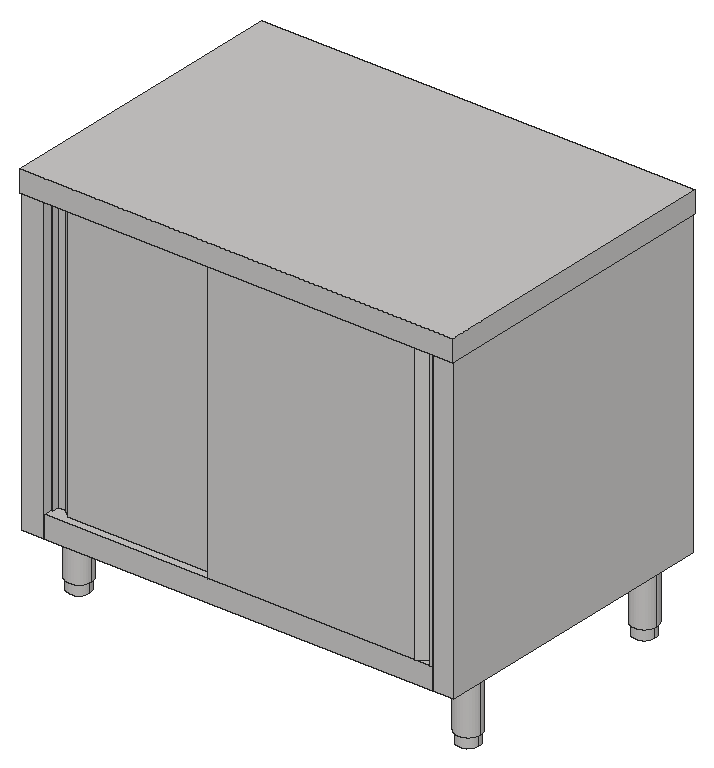
Revit family "QF_ZANUSSI_133245_MTND1000PN", category Attrezzature speciali, Revit 2020
Family settings
  Quota connettore circolare = Usa diametro
  Tipo di parte = Normale
  Basato su piano di lavoro = No
  Sempre verticale = Sì
  Taglio con vuoti quando caricato = No
  Condiviso = No
  Punto di calcolo locali = No
Parameters (values of type "Standard")
  Weight = 50.00 kg
  Watts = 0 W
  Volts = 0 V
  URL Manufacturer = "http://www.zanussiprofessional.com"
  URL = "http://www.zanussiprofessional.com"
  Steam Supply Size = 0 mm
  Steam Supply Minimum Pressure = 0.0 Pa
  Steam Supply Maximum Pressure = 0.0 Pa
  Steam Consumption per Hour = 0
  Refrigeration Suction Line Size = 0.0 mm
  Refrigeration Liquid Line Size = 0.0 mm
  Refrigerant Compressor Remote = yes
  Prospetto di default = 0.0 mm
  Produttore = "Zanussi"
  Phase = 0
  Modello = "MTND1000PN"
  Length Actual = 1000.0 mm  # constant formula
  Item Number = "133245"
  Hot Water Size = 0 mm
  Height Actual = 900.0 mm  # constant formula
  HP = "0 HP"
  Gas Size = 0 mm
  Gas KW = 0
  Gas Input Pressure = 0 W
  Direct Waste Size = 0 mm
  Descrizione = "WORKTOP CUPB.PASSTH+SHELF+SLIDING D.1000"
  Depth Actual = 700.0 mm  # constant formula
  Cycle = 0 Hz
  Condensate Return Size = 0 mm
  Compressed Air Volume = 0.0 L/s
  Compressed Air Size = 0 mm
  Compressed Air Pressure = 0.0 Pa
  Cold Water Size = 0 mm
  Accessory = yes
Reference planes
  plane 1 "Center (Front/Back)": y = 0
  plane 2: z = 0
  plane 3 "Center (Left/Right)": x = 0
  plane 4 "LEFT": x = -500
  plane 5 "RIGHT": x = 500
  plane 6 "BACK": y = 350
  plane 7 "FRONT": y = -350
  plane 8 "Base": z = 850
  plane 9 "TOP": z = 900
  plane 10: x = -450
  plane 11: x = 450
  plane 12: y = 267
  plane 13: y = -241.9
  plane 14 "BodyLeft": x = -499
  plane 15 "BodyFront": y = -344.5
  plane 16 "BodyRight": x = 499
  plane 17 "BodyBack": y = 344.5
  plane 18 "FEET": z = 150
  plane 19: x = -70
  plane 20: x = 70
Forms (mm)
  Extrusion 1, solid, material "QF_Finishes_Stainless Steel"
    sketch origin (0, 0, 0) x (0, 1, 0) y (0, 0, 1)
      loop
        line (-350, 850) -> (350, 850) -> (350, 900) -> (-350, 900) -> (-350, 850)
    from 500 to -500
  Extrusion 2, solid, material "QF_Finishes_Stainless Steel"
    sketch origin (0, 0, 150) x (-1, 0, 0) y (0, -1, 0)
      loop
        line (499, -344.5) -> (499, 344.5) -> (449, 344.5) -> (449, -344.5) -> (499, -344.5)
      loop
        line (-449, -344.5) -> (-449, 344.5) -> (-499, 344.5) -> (-499, -344.5) -> (-449, -344.5)
    from 0 to 700
  Extrusion 3, solid, material "QF_Finishes_Stainless Steel"
    sketch origin (0, 0, 150) x (-1, 0, 0) y (0, -1, 0)
      loop
        line (449, -344.5) -> (449, 344.5) -> (-449, 344.5) -> (-449, -344.5) -> (449, -344.5)
    from 0 to 50
  Extrusion 4, solid, material "QF_Finishes_Stainless Steel"
    sketch origin (0, 0, 150) x (-1, 0, 0) y (0, -1, 0)
      loop
        line (-449, 344.5) -> (-449, 324.5) -> (70, 324.5) -> (70, 344.5) -> (-409, 344.5) -> (-429, 329.5) -> (-444, 329.5) -> (-444, 344.5) -> (-449, 344.5)
    from 50 to 700
  Extrusion 5, solid, material "QF_Finishes_Stainless Steel"
    sketch origin (0, 20, 150) x (1, 0, 0) y (0, 1, 0)
      loop
        line (-449, -344.5) -> (-444, -344.5) -> (-444, -329.5) -> (-429, -329.5) -> (-409, -344.5) -> (70, -344.5) -> (70, -324.5) -> (-449, -324.5) -> (-449, -344.5)
    from 50 to 700
  Extrusion 6, solid, material "QF_Finishes_Stainless Steel"
    sketch origin (0, 0, 150) x (-1, 0, 0) y (0, -1, 0)
      loop
        line (-447.6, -344.5) -> (-442.6, -344.5) -> (-442.6, -329.5) -> (-427.6, -329.5) -> (-407.6, -344.5) -> (-70, -344.5) -> (-70, -324.5) -> (-447.6, -324.5) -> (-447.6, -344.5)
    from 50 to 700
  Extrusion 7, solid, material "QF_Finishes_Stainless Steel"
    sketch origin (0, -20, 150) x (1, 0, 0) y (0, 1, 0)
      loop
        line (-447.6, 344.5) -> (-447.6, 324.5) -> (-70, 324.5) -> (-70, 344.5) -> (-407.6, 344.5) -> (-427.6, 329.5) -> (-442.6, 329.5) -> (-442.6, 344.5) -> (-447.6, 344.5)
    from 50 to 700
  Extrusion 8, solid, material "QF_Finishes_Stainless Steel"
    sketch origin (0, 0, 0) x (1, 0, 0) y (0, 1, 0)
      loop
        line (-449, -304.5) -> (449, -304.5) -> (449, 304.5) -> (-449, 304.5) -> (-449, -304.5)
    from 500 to 540
Lines and regions (mm)
  symbolic lines
    curve 1: line (500, 350, 900) -> (-500, 350, 900)
    curve 2: line (-500, 350, 900) -> (-500, -350, 900)
    curve 3: line (-500, -350, 900) -> (500, -350, 900)
    curve 4: line (500, -350, 900) -> (500, 350, 900)
  symbolic lines, style "SpecialityEquipmentHiddenLines"
    curve 5: line (-499, 344.5, 150) -> (499, 344.5, 150)
    curve 6: line (-499, -344.5, 150) -> (-499, 344.5, 150)
    curve 7: line (499, -344.5, 150) -> (-499, -344.5, 150)
    curve 8: line (499, 344.5, 150) -> (499, -344.5, 150)
    curve 9: line (-449, -304.5, 150) -> (70, -304.5, 150)
    curve 10: line (70, -304.5, 150) -> (70, -324.5, 150)
    curve 11: line (-449, -324.5, 150) -> (449, -324.5, 150)
    curve 12: line (449, -324.5, 150) -> (449, -344.5, 150)
    curve 13: line (-70, -324.5, 150) -> (-70, -344.5, 150)
    curve 14: line (-449, -304.5, 150) -> (-449, -324.5, 150)
Dimensions and locks
  plane 4 "LEFT" to plane 5 "RIGHT" = 1000.0 mm
  equal spacing: plane 4 "LEFT", plane 3 "Center (Left/Right)", plane 5 "RIGHT"
  locked: plane 8 "Base" to level at 850
  plane 9 "TOP" to level = 900.0 mm
  plane 6 "BACK" to plane 7 "FRONT" = 700.0 mm
  equal spacing: plane 6 "BACK", plane 1 "Center (Front/Back)", plane 7 "FRONT"
  locked: plane 4 "LEFT" to plane 14 "BodyLeft" at 1
  locked: plane 16 "BodyRight" to plane 5 "RIGHT" at 1
  locked: plane 15 "BodyFront" to plane 7 "FRONT" at 5.5
  locked: plane 6 "BACK" to plane 17 "BodyBack" at 5.5
  locked: plane 14 "BodyLeft" to plane 10 at 49
  locked: plane 11 to plane 16 "BodyRight" at 49
  locked: plane 13 to plane 15 "BodyFront" at 102.6
  locked: plane 17 "BodyBack" to plane 12 at 77.5
  plane 10 to plane 11 = 900.0 mm
  plane 12 to plane 13 = 508.9 mm
  locked: plane 14 "BodyLeft" to Extrusion 2 sketch curve at 50
  locked: Extrusion 2 sketch curve to Extrusion 2 sketch curve at 50
  locked: plane 3 "Center (Left/Right)" to plane 20 at 70
  locked: plane 19 to plane 3 "Center (Left/Right)" at 70
  locked: plane 18 "FEET" to level at 150
  aligned and locked: level to plane 2
  aligned and locked: plane 10 to nested 1
  aligned and locked: nested 1 to plane 13
  aligned and locked: plane 11 to nested 2
  aligned and locked: nested 2 to plane 13
  aligned and locked: plane 11 to nested 4
  aligned and locked: nested 4 to plane 12
  aligned and locked: plane 10 to nested 3
  aligned and locked: nested 3 to plane 12
  aligned and locked: Extrusion 1 to plane 4 "LEFT"
  aligned and locked: plane 5 "RIGHT" to Extrusion 1
  aligned and locked: curve 2 to plane 4 "LEFT"
  aligned and locked: plane 17 "BodyBack" to Extrusion 2 sketch curve
  aligned and locked: Extrusion 2 sketch curve to plane 15 "BodyFront"
  aligned and locked: Extrusion 2 sketch curve to plane 14 "BodyLeft"
  aligned and locked: plane 16 "BodyRight" to Extrusion 2 sketch curve
  aligned and locked: Extrusion 2 sketch curve to plane 17 "BodyBack"
  aligned and locked: plane 15 "BodyFront" to Extrusion 2 sketch curve
  aligned and locked: Extrusion 3 sketch curve to plane 17 "BodyBack"
  aligned and locked: plane 15 "BodyFront" to Extrusion 3 sketch curve
  aligned and locked: plane 8 "Base" to Extrusion 2
  aligned and locked: plane 8 "Base" to Extrusion 4
  aligned and locked: Extrusion 4 to Extrusion 3
  aligned and locked: Extrusion 1 to plane 8 "Base"
  aligned and locked: plane 9 "TOP" to Extrusion 1
  aligned and locked: curve 5 to plane 17 "BodyBack"
  aligned and locked: plane 14 "BodyLeft" to curve 6
  aligned and locked: plane 15 "BodyFront" to curve 7
  aligned and locked: plane 16 "BodyRight" to curve 8
  aligned and locked: Extrusion 3 to Extrusion 2  (x2)
  aligned and locked: Extrusion 8 sketch curve to Extrusion 7
  aligned and locked: Extrusion 8 sketch curve to Extrusion 2  (x2)
  aligned and locked: Extrusion 8 sketch curve to Extrusion 5
  aligned and locked: Extrusion 4 sketch curve to plane 19
  aligned and locked: Extrusion 5 sketch curve to plane 20
Automatic sketch dimensions
  curve 3 to plane 7 "FRONT" = 0.0 mm
  curve 4 to plane 6 "BACK" = 0.0 mm
  Extrusion 1 sketch curve to plane 7 "FRONT" = 0.0 mm
  Extrusion 1 sketch curve to plane 6 "BACK" = 0.0 mm
  Extrusion 1 sketch curve to plane 8 "Base" = 0.0 mm
  Extrusion 1 sketch curve to plane 9 "TOP" = 0.0 mm
  Extrusion 3 sketch curve to plane 11 = 1.0 mm
  plane 10 to Extrusion 3 sketch curve = 1.0 mm
  Extrusion 4 sketch curve to plane 15 "BodyFront" = 0.0 mm  (x2)
  Extrusion 4 sketch curve to plane 11 = 41.0 mm
  Extrusion 4 sketch curve to plane 11 = 21.0 mm
  Extrusion 4 sketch curve to plane 11 = 6.0 mm
  Extrusion 4 sketch curve to plane 11 = 1.0 mm
  plane 15 "BodyFront" to Extrusion 4 sketch curve = 15.0 mm
  plane 15 "BodyFront" to Extrusion 4 sketch curve = 20.0 mm
  Extrusion 5 sketch curve to plane 15 "BodyFront" = 20.0 mm  (x2)
  Extrusion 5 sketch curve to plane 10 = 41.0 mm
  Extrusion 5 sketch curve to plane 10 = 21.0 mm
  Extrusion 5 sketch curve to plane 10 = 6.0 mm
  Extrusion 5 sketch curve to plane 10 = 1.0 mm
  Extrusion 5 sketch curve to Extrusion 5 sketch curve = 15.0 mm
  Extrusion 5 sketch curve to Extrusion 5 sketch curve = 20.0 mm
  plane 19 to curve 10 = 140.0 mm
  curve 13 to plane 20 = 140.0 mm
  curve 11 to plane 11 = 1.0 mm
  plane 10 to curve 11 = 1.0 mm
  plane 15 "BodyFront" to curve 9 = 40.0 mm
  curve 12 to curve 12 = 20.0 mm
  Extrusion 6 sketch curve to plane 17 "BodyBack" = 0.0 mm  (x2)
  Extrusion 6 sketch curve to plane 20 = 0.0 mm
  plane 11 to Extrusion 6 sketch curve = 42.4 mm
  plane 11 to Extrusion 6 sketch curve = 22.4 mm
  plane 11 to Extrusion 6 sketch curve = 7.4 mm
  plane 11 to Extrusion 6 sketch curve = 2.4 mm
  plane 17 "BodyBack" to Extrusion 6 sketch curve = 15.0 mm
  plane 17 "BodyBack" to Extrusion 6 sketch curve = 20.0 mm
  Extrusion 7 sketch curve to plane 19 = 0.0 mm
  Extrusion 7 sketch curve to plane 17 "BodyBack" = 20.0 mm  (x2)
  plane 10 to Extrusion 7 sketch curve = 42.4 mm
  plane 10 to Extrusion 7 sketch curve = 22.4 mm
  plane 10 to Extrusion 7 sketch curve = 7.4 mm
  plane 10 to Extrusion 7 sketch curve = 2.4 mm
  Extrusion 7 sketch curve to Extrusion 7 sketch curve = 15.0 mm
  Extrusion 7 sketch curve to Extrusion 7 sketch curve = 20.0 mm
  curve 4 to plane 5 "RIGHT" = 0.0 mm
Nested families
  nested 1: "FEET_D58-150" at (-450, -241.9, 0), type "FEET_D58-150"
  nested 2: "FEET_D58-150" at (450, -241.9, 0), type "FEET_D58-150"
  nested 3: "FEET_D58-150" at (-450, 267, 0), type "FEET_D58-150"
  nested 4: "FEET_D58-150" at (450, 267, 0), type "FEET_D58-150"
Definition of nested family "FEET_D58-150"
  Parameters
    Default Elevation = 0.0 mm
    FEET = 150.0 mm
  Reference planes
    plane 1 "Center (Front/Back)": y = 0
    plane 2: z = 0
    plane 3 "Center (Left/Right)": x = 0
    plane 4: z = 150
  Forms (mm)
    Extrusion 1, solid
      sketch origin (0, 0, 0) x (1, 0, 0) y (0, 1, 0)
        loop
          circle (0, 0) r 25
      from 0 to 25
    Extrusion 2, solid
      sketch origin (0, 0, 0) x (1, 0, 0) y (0, 1, 0)
        loop
          circle (0.061, 0) r 29
      from 25 to 150 <- "FEET"
  Lines and regions (mm)
    symbolic lines
      curve 1: line (0, -1.503, 0) -> (0, 1.508, 0)
      curve 2: line (1.561, 0, 0) -> (-1.439, 0, 0)
  Dimensions and locks
    "FEET": plane 4 to plane 2
    aligned and locked: level to plane 2
  Automatic sketch dimensions
    plane 1 "Center (Front/Back)" to Extrusion 1 sketch curve = 0.0 mm
    Extrusion 1 sketch curve to plane 3 "Center (Left/Right)" = 0.0 mm
    plane 1 "Center (Front/Back)" to curve 2 = 0.0 mm
    curve 1 to plane 3 "Center (Left/Right)" = 0.0 mm
    curve 2 to plane 3 "Center (Left/Right)" = 1.439 mm
    plane 3 "Center (Left/Right)" to curve 2 = 1.561 mm
    plane 1 "Center (Front/Back)" to curve 1 = 1.503 mm
    curve 1 to plane 1 "Center (Front/Back)" = 1.508 mm
    plane 1 "Center (Front/Back)" to Extrusion 2 sketch curve = 0.0 mm
    plane 3 "Center (Left/Right)" to Extrusion 2 sketch curve = 0.061 mm
    radius of Extrusion 1 sketch curve = 25.0 mm
    radius of Extrusion 2 sketch curve = 29.0 mm
